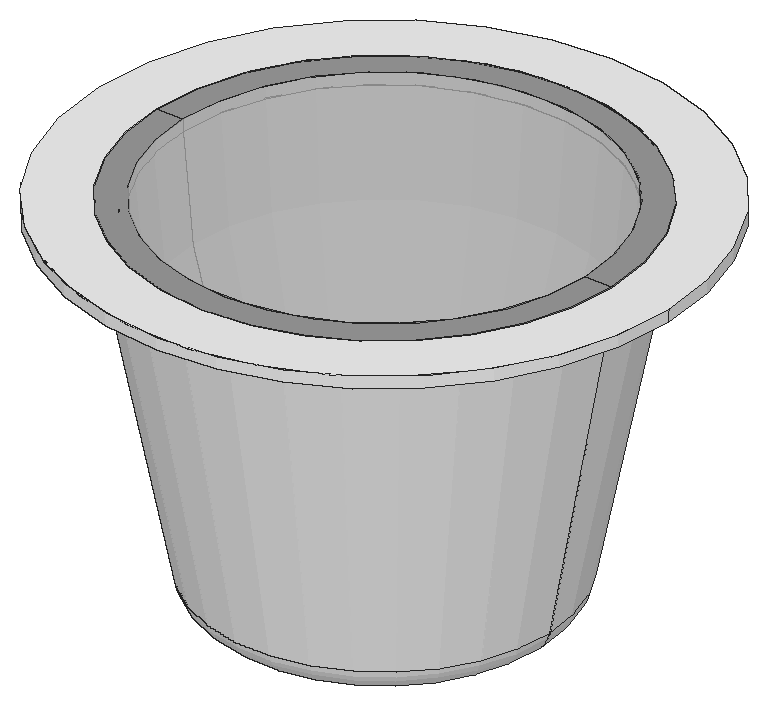
Revit family "2060523 Sylvania Lighting Fixture ASCENT100 II ARCH 1200 3K DALI EMG 120", category Lighting Fixtures, host Face, Revit 2016
Family settings
  Host = Face
  Part Type = Normal
  Round Connector Dimension = Use Diameter
  OmniClass Number = 23.80.70.11.17
  OmniClass Title = Specialized Lighting by Location or Use
  Cut with Voids When Loaded = No
  Light Source = Yes
  Shared = No
  Room Calculation Point = No
Parameters (values of type "2060523 ASCT100 II ARCH 1200 3K DALI EMG 120 Emergency mode")
  Weight = "1.43 kg"
  WarrantyStartDate [instance] = "n/a"
  WarrantyGuarantorParts = "n/a"
  WarrantyDurationUnit = "n/a"
  WarrantyDurationParts = "n/a"
  WarrantyDescription = "n/a"
  Voltage = 0 V
  TypeName = "ASCT100 II ARCH 1200 3K DALI EMG 120 Emergency mode"
  SerialNumber [instance] = "n/a"
  ReflectorRadius_SYL = Radius_SYL - 15.0 mm  # 60.0 mm
  PowerFactor = 0
  PowerConsumption = "12 W"
  NominalWidth = 0.0 mm
  NominalLength = 0.0 mm
  NominalHeight = 94.0 mm
  Name = "ASCT100 II ARCH 1200 3K DALI EMG 120 Emergency mode"
  ModelReference = "ASCT100 II ARCH 1200 3K DALI EMG 120 Emergency mode"
  ModelNumber = "2060523"
  Material_4_SYL = Aluminium_Sylvania_Ascent_Silver
  Radius_SYL = 75.0 mm
  Wattage = 1.71134 W
  built-in parameter 1150110 = 1 (stored number, unit not read)
  URL = "http://www.sylvania-lighting.com"
  built-in parameter 1114217 = 1 (stored number, unit not read)
  Tilt Angle = -90°
  built-in parameter 1150109 = 1 (stored number, unit not read)
  built-in parameter 1150134 = (empty or 0)
  built-in parameter 1150113 = 1 (stored number, unit not read)
  Photometric Web File = "2060523EM.ies"
  Material = "aluminium housing, acrylic diffuser"
  ManufacturerName = "Feilo Sylvania"
  LuminousEfficacy = "97 lm/W"
  LuminaireType = ""
  LightOutputRatio = "100"
  LampsType = Lamp  # "LED"
  LampNominalLuminous = "1160 lm"
  LampMacAdamStep = "n/a"
  LampColourTemperature = "3000 K"
  LampColourRenderingIndex = "80"
  Keynote = "16500"
  InstallationDate [instance] = "n/a"
  InputVoltage = "n/a"
  InputNominalFrequency = "n/a"
  IngressProtection = "IP40"
  ImpactProtectionIndex = "IK02"
  IfcExportType = "IfcLightFixtureType"
  IfcExportAs = "IfcLightFixtureType"
  Height_SYL = 94.0 mm
  ExpectedLife = 50000
  Emit from Circle Diameter = 2 * DiffuserRadius_SYL  # 106.0 mm
  Emit Shape Visible in Rendering = no
  ElectricShockClassification = "Class II"
  DurationUnit = "hours"
  DocumentationLiterature = "http://www.sylvania-lighting.com/product/en-int/products/2060523"
  DimmingControlOptions = "n/a"
  DiffuserRadius_SYL = ReflectorRadius_SYL - 7.0 mm  # 53.0 mm
  Material_3_SYL = Polycarbonate_Sylvania_Ascent_Clear
  Diameter_SYL = 2 * Radius_SYL  # 150.0 mm
  CutoutDiameter_SYL = Diameter_SYL - 13.0 mm  # 137.0 mm
  CreatedOn = "9/17/2018"
  CreatedBy = "@sylvania-lighting.com"
  built-in parameter 1114216 [instance] = 1 (stored number, unit not read)
  Model = "ASCT100 II ARCH 1200 3K DALI EMG 120 Emergency mode"
  Manufacturer = "Feilo Sylvania"
  built-in parameter 1150105 = 13.21 (stored number, unit not read)
  Lumens = 166 lm
  built-in parameter 1150115 = 1 (stored number, unit not read)
  built-in parameter 1150137 = (empty or 0)
  built-in parameter 1150139 = (empty or 0)
  built-in parameter 1150112 = 1 (stored number, unit not read)
  built-in parameter 1150114 = 1 (stored number, unit not read)
  Lamp = "LED"
  built-in parameter 1150132 = 2
  built-in parameter 1150102 = (empty or 0)
  built-in parameter 1150107 = 3000 (stored number, unit not read)
  built-in parameter 1150138 = (empty or 0)
  built-in parameter 1150106 = 0.1321 (stored number, unit not read)
  Material_1_SYL = Aluminum_Sylvania_Ascent_White
  built-in parameter 1150104 = 9.0116 (stored number, unit not read)
  Dimming Lamp Color Temperature Shift = <None>
  Description = "Direct LED retro fit for original LED 100 Arch (120) single CFL lamp offering Matching lumen levels and improved light distribution of original LED 100 CFL lamp equivalents Typically half the power consumption compared to CFL Up to 104lm/W 120mm aperture Architectural reflector accepts range of glass accessories from existing LED 100 Arch 120 offering HE, HO and VHO versions equivalent of single 1 x 13W, 1 x 18W, 1 x 26W Additional VVHO versions which offer the performance circa 2 x 26W equivalent"  # constant formula
  Default Elevation = 0.0 mm
  Color Filter = 16777215
  built-in parameter 1140040 [instance] = 1
  BarCode [instance] = "n/a"
  built-in parameter 1114218 = 1 (stored number, unit not read)
  built-in parameter 1150133 = 10 (stored number, unit not read)
  AssetType = "Fixed"
  AssetIdentifier [instance] = "n/a"
  Assembly Code = "D5020200"
  Apparent Load = 1.71134 VA
  Aperture_SYL = 2 * ReflectorRadius_SYL  # 120.0 mm
  Material_2_SYL = Aluminum_Sylvania_Ascent_White
Types (2, lengths in mm): name | TypeName | Name | ModelReference | Wattage | Photometric Web File | Model | built-in parameter 1150105 | Lumens | built-in parameter 1150106 | Apparent Load
  2060523 ASCT100 II ARCH 1200 3K DALI EMG 120 Emergency mode | "ASCT100 II ARCH 1200 3K DALI EMG 120 Emergency mode" | "ASCT100 II ARCH 1200 3K DALI EMG 120 Emergency mode" | "ASCT100 II ARCH 1200 3K DALI EMG 120 Emergency mode" | 1.71134 W | "2060523EM.ies" | "ASCT100 II ARCH 1200 3K DALI EMG 120 Emergency mode" | 13.21 (stored number, unit not read) | 166 lm | 0.1321 (stored number, unit not read) | 1.71134 VA
  2060523 ASCT100 II ARCH 1200 3K DALI EMG 120 | "ASCENT100 II ARCH 1200 3K DALI EMG 120" | "ASCENT100 II ARCH 1200 3K DALI EMG 120" | "ASCENT100 II ARCH 1200 3K DALI EMG 120" | 12 W | "2060523.ies" | "ASCENT100 II ARCH 1200 3K DALI EMG 120" | 92.628 (stored number, unit not read) | 1164 lm | 0.92628 (stored number, unit not read) | 12 VA
Reference planes
  plane 1 "Center (Front/Back)": y = 0
  plane 2: z = 0
  plane 3 "Center (Left/Right)": x = 0
  plane 4 "Fixture Bottom": z = 3
  plane 5: z = -52.5
  plane 6 "Fixture Top": z = -91
Forms (mm)
  Extrusion 1, solid, material "Aluminum_Sylvania_Ascent_White" <- "Material_2_SYL", detail levels fine
    sketch origin (0, 0, 0) x (1, 0, 0) y (0, 1, 0)
      loop
        circle (0, 0) r 75
      loop
        circle (0, 0) r 60
    from 0 to 3
  Extrusion 2, void
    sketch origin (0, 0, 0) x (1, 0, 0) y (0, 1, 0)
      loop
        circle (0, 0) r 68.5
    from -91 to 3
  Revolve 3, solid, material "Aluminum_Sylvania_Ascent_White" <- "Material_1_SYL", detail levels fine
    sketch origin (0, 0, 0) x (1, 0, 0) y (0, 0, 1)
      loop
        line (0, -91.073) -> (0, -89.023) -> (-35.468, -89.014)
        arc (-35.468, -89.014) -> (-39.352, -87.613) -> (-41.54, -84.139) r 6.307
        line (-41.54, -84.139) -> (-57.991, -2.844) -> (-57.991, 0) -> (-60, 0) -> (-60, -3) -> (-43.5, -84.536)
        arc (-43.5, -84.536) -> (-40.643, -89.203) -> (-35.5, -91.073) r 8.291
        line (-35.5, -91.073) -> (0, -91.073)
      axis (0, 0) -> (0, -91.073)
    angle from 0 to 360
  Revolve 4, solid, material "Aluminium_Sylvania_Ascent_Silver" <- "Material_4_SYL", detail levels fine
    sketch origin (0, 0, 0) x (1, 0, 0) y (0, 0, 1)
      loop
        line (-60, 3) -> (-60, 0) -> (-55, 0)
        arc (-55, 0) -> (-52.349, -26.77) -> (-44.5, -52.5) r 136.5
        line (-44.5, -52.5) -> (-38, -52.5)
        arc (-38, -52.5) -> (-36.857, -61.521) -> (-33.5, -69.971) r 36.166
        line (-33.5, -69.971) -> (0, -69.971) -> (0, -50.5) -> (-43.16, -50.5)
        arc (-43.16, -50.5) -> (-50.517, -25.725) -> (-53, 0) r 134.5
        line (-53, 0) -> (-53, 3) -> (-60, 3)
      axis (0, 3) -> (0, -69.971)
    angle from 0 to 360
  Extrusion 5, solid, material "Polycarbonate_Sylvania_Ascent_Clear" <- "Material_3_SYL", detail levels fine
    sketch origin (0, 0, 0) x (1, 0, 0) y (0, 1, 0)
      loop
        circle (0, 0) r 53
    from 0 to 3
  Revolve 6, solid, material "Aluminum_Sylvania_Ascent_White" <- "Material_2_SYL", detail levels coarse+medium
    sketch origin (0, 0, 0) x (1, 0, 0) y (0, 0, 1)
      loop
        line (0, -91.073) -> (0, 3) -> (-75, 3) -> (-75, 0) -> (-60, 0) -> (-60, -3) -> (-43.5, -84.536)
        arc (-43.5, -84.536) -> (-40.643, -89.203) -> (-35.5, -91.073) r 8.291
        line (-35.5, -91.073) -> (0, -91.073)
      axis (0, 3) -> (0, -91.073)
    angle from 0 to 360
Dimensions and locks
  locked: plane 4 "Fixture Bottom" to plane 2 at 3
  "Height_SYL": plane 4 "Fixture Bottom" to plane 6 "Fixture Top"
  "ReflectorRadius_SYL": plane 3 "Center (Left/Right)" to Revolve 4 sketch curve
  locked: Revolve 4 sketch curve to Revolve 4 sketch curve at 15.5
  locked: Revolve 4 sketch curve to Revolve 4 sketch curve at 5
  locked: Revolve 4 sketch curve to Revolve 4 sketch curve at 7
  locked: Revolve 4 sketch curve to Revolve 4 sketch curve at 22
  locked: Revolve 4 sketch curve to Revolve 4 sketch curve at 26.5
  locked: Revolve 3 sketch curve to Revolve 3 sketch curve at 16.5
  locked: Revolve 3 sketch curve to Revolve 3 sketch curve at 24.5
  "ReflectorRadius_SYL": Revolve 3 sketch curve to plane 3 "Center (Left/Right)"
  locked: Revolve 3 sketch curve to plane 6 "Fixture Top" at 6.464
  locked: plane 2 to Revolve 3 sketch curve at 3
  locked: Revolve 3 sketch curve to Revolve 3 sketch curve at 2
  locked: Revolve 3 sketch curve to Revolve 3 sketch curve at 2.009
  locked: plane 2 to plane 5 at 52.5
  locked: Revolve 6 sketch curve to Revolve 6 sketch curve at 31.5
  locked: Revolve 6 sketch curve to Revolve 6 sketch curve at 39.5
  locked: Revolve 6 sketch curve to Revolve 6 sketch curve at 15
  "Radius_SYL": plane 3 "Center (Left/Right)" to Revolve 6 sketch curve
  "CutoutDiameter_SYL": diameter of Extrusion 2 sketch curve
  "ReflectorRadius_SYL": radius of Extrusion 1 sketch curve
  "DiffuserRadius_SYL": radius of Extrusion 5 sketch curve
  "Radius_SYL": radius of Extrusion 1 sketch curve
  aligned and locked: host face to plane 2
  aligned and locked: host face to level
  aligned and locked: plane 1 "Center (Front/Back)" to imposter light
  aligned and locked: plane 3 "Center (Left/Right)" to imposter light
  aligned and locked: plane 4 "Fixture Bottom" to Extrusion 1
  aligned and locked: Extrusion 1 to plane 2
  aligned and locked: Revolve 3 sketch curve to plane 3 "Center (Left/Right)"
  aligned and locked: Revolve 4 sketch curve to plane 3 "Center (Left/Right)"  (x2)
  aligned and locked: plane 4 "Fixture Bottom" to Revolve 4 sketch curve
  aligned and locked: Revolve 3 sketch curve to imposter light
  aligned and locked: Extrusion 5 to plane 2
  aligned and locked: imposter light to Extrusion 5
  aligned and locked: plane 2 to Revolve 3 sketch curve  (x2)
  aligned and locked: Revolve 6 sketch curve to imposter light
  aligned and locked: Revolve 6 sketch curve to plane 3 "Center (Left/Right)"
  aligned and locked: plane 6 "Fixture Top" to Extrusion 2
  aligned and locked: imposter light to Extrusion 2
  aligned and locked: imposter light to plane 4 "Fixture Bottom"
Automatic sketch dimensions
  plane 1 "Center (Front/Back)" to Extrusion 2 sketch curve = 0.0 mm
  Extrusion 2 sketch curve to plane 3 "Center (Left/Right)" = 0.0 mm
  Extrusion 1 sketch curve to Extrusion 1 sketch curve = 0.0 mm  (x2)
  plane 1 "Center (Front/Back)" to Extrusion 1 sketch curve = 0.0 mm
  Extrusion 1 sketch curve to plane 3 "Center (Left/Right)" = 0.0 mm
  plane 6 "Fixture Top" to Revolve 3 sketch curve = 0.073 mm
  Revolve 3 sketch curve to plane 6 "Fixture Top" = 6.861 mm
  Revolve 3 sketch curve to Revolve 3 sketch curve = 0.003 mm
  Revolve 3 sketch curve to Revolve 3 sketch curve = 0.009 mm  (x2)
  Revolve 3 sketch curve to Revolve 3 sketch curve = 0.023 mm
  Revolve 3 sketch curve to Revolve 3 sketch curve = 0.072 mm
  Revolve 3 sketch curve to Revolve 3 sketch curve = 0.008 mm
  Revolve 3 sketch curve to plane 6 "Fixture Top" = 1.977 mm
  Revolve 3 sketch curve to Revolve 3 sketch curve = 33.496 mm
  Revolve 3 sketch curve to Revolve 3 sketch curve = 0.028 mm
  plane 4 "Fixture Bottom" to Revolve 3 sketch curve = 82.431 mm
  Revolve 4 sketch curve to Revolve 4 sketch curve = 0.0 mm  (x2)
  Revolve 4 sketch curve to plane 5 = 0.0 mm
  Revolve 4 sketch curve to level = 0.0 mm
  plane 5 to Revolve 4 sketch curve = 2.0 mm
  plane 4 "Fixture Bottom" to Revolve 4 sketch curve = 9.642 mm
  plane 1 "Center (Front/Back)" to Extrusion 5 sketch curve = 0.0 mm
  Extrusion 5 sketch curve to plane 3 "Center (Left/Right)" = 0.0 mm
  Revolve 4 sketch curve to level = 69.971 mm
  Revolve 4 sketch curve to Revolve 4 sketch curve = 2.387 mm
  Revolve 6 sketch curve to level = 0.0 mm
  Revolve 6 sketch curve to plane 3 "Center (Left/Right)" = 0.0 mm
  Revolve 6 sketch curve to Revolve 6 sketch curve = 8.104 mm
  Revolve 6 sketch curve to level = 3.0 mm
  Revolve 6 sketch curve to plane 6 "Fixture Top" = 6.464 mm
  plane 6 "Fixture Top" to Revolve 6 sketch curve = 0.073 mm
  Revolve 6 sketch curve to Revolve 6 sketch curve = 33.496 mm
  plane 4 "Fixture Bottom" to Revolve 6 sketch curve = 82.431 mm
  host sketch curve to host sketch curve = 1368.192 mm
  host sketch curve to host sketch curve = 1600.367 mm
Connectors
  electrical at (0, 0, -91.073), driven by "Apparent Load"
    settings: on Revolve 3, index 1, voltage 240 V, apparent load 0 VA, apparent load phase1 1.71134 VA, apparent load phase2 0 VA, apparent load phase3 0 VA, power factor 1, load classification "Lighting", number of poles 1, system type 31, power factor state 1, is connector primary yes, connector utility no, sub classification motor no, connector description ""
